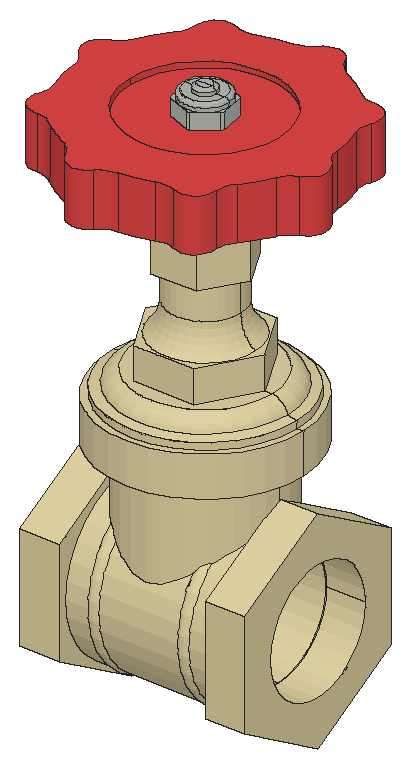
Revit family "AA00550000", category Apparecchi idraulici, Revit 2020
Family settings
  Quota connettore circolare = Usa diametro
  Tipo di parte = Normale
  Numero OmniClass = 23.45.00.00
  Titolo OmniClass = Sanitary, Laundry, and Cleaning Equipment
  Basato su piano di lavoro = No
  Sempre verticale = Sì
  Taglio con vuoti quando caricato = No
  Condiviso = No
  Punto di calcolo locali = No
Parameters
  URL = "https://web.cimberio.it/index.php/figura/621?subcategoria_id="
  Temperatura di esercizio = "-10 ÷ 170°C (1/4\" ÷ 4\"); -10 ÷ 150°C (5\" e 6\")"
  Prospetto di default = 0 mm
  Produttore = "CIMBERIO SPA"
  Pressione nominale = "PN 20 (1/4\" ÷ 4\"); PN 10 (5\" e 6\")"
  Modello = "Cim 70B"
  Materiale = "Prodotto in lega di ottone conforme alla norma EN 12165-CW617N-DW nelle misure fino a 4\" e in lega di bronzo conforme alla norma EN 1982-CC491K nelle misure da 5\" e 6\""
  Descrizione = "Utilizzato nei più svariati settori dell'impiantistica: impianti di riscaldamento, condizionamento, idrici, igienico-sanitari, reti di distribuzione oli, benzine, vapore saturo e in generale con ogni fluido non corrosivo"
  DN Model [instance] = AA00551032 : AA00551032
  DN [instance] = 32 mm
  Commenti sul tipo = "Realizzato in ottemperanza ai requisiti gestionali della norma EN ISO 9001.\r\nCollaudato al 100% secondo la normativa EN 12266-1\r\nCollaudato al 100% secondo la normativa EN 12266-1"
Reference planes
  plane 1 "Centro (Fronte/Retro)": y = 0
  plane 2: z = 0
  plane 3 "Centro (Sinistra/Destra)": x = 0
Dimensions and locks
  aligned and locked: level to plane 2
Nested families
  nested 1: "AA00551032" at (0, 0, 0), type <- "DN Model", type "AA00551032"
  nested 2: "AA00551032" at (0, 0, 0), type <- "DN Model", type "AA00551032"
  nested 3: "AA00551032" at (0, 0, 0), type <- "DN Model", type "AA00551032"
  nested 4: "AA00551032" at (0, 0, 0), type <- "DN Model", type "AA00551032"
  nested 5: "AA00551032" at (0, 0, 0), type <- "DN Model", type "AA00551032"
  nested 6: "AA00551032" at (0, 0, 0), type <- "DN Model", type "AA00551032"
  nested 7: "AA00551032" at (0, 0, 0), type <- "DN Model", type "AA00551032"
  nested 8: "AA00551032" at (0, 0, 0), type <- "DN Model", type "AA00551032"
Connectors
  piping at (30, 0, 0), diameter 32, driven by "DN"
    settings: on nested 1, index 1, connector inside diameter 609.6 mm, connector length 0 mm, flow factor 0, pipe flow 0.0 L/s, pressure drop 0.0 Pa, fitting loss kfactor 0, connector angle 0.00°, fixture units 0, engagement length 0 mm, angle of deflection 0.00°, flow configuration 0, flow direction 0, fitting loss method 0, system type 7, joint type 0, gender type 0, connector reference index -1, connector utility 0, adjustable connector no, is connector primary yes, connector description ""
  piping at (-30, 0, 0), diameter 32, driven by "DN"
    settings: on nested 1, index 2, connector inside diameter 609.6 mm, connector length 0 mm, flow factor 0, pipe flow 0.0 L/s, pressure drop 0.0 Pa, fitting loss kfactor 0, connector angle 0.00°, fixture units 0, engagement length 0 mm, angle of deflection 0.00°, flow configuration 0, flow direction 0, fitting loss method 0, system type 7, joint type 0, gender type 0, connector reference index -1, connector utility 0, adjustable connector no, is connector primary no, connector description ""
Definition of nested family "AA00551032"
  Parameters (values of type "AA00551032")
    Default Elevation = 0 mm
  Reference planes
    plane 1 "Centro (Fronte/Retro)": y = 0
    plane 2: z = 0
    plane 3 "Centro (Sinistra/Destra)": x = 0
  Forms (mm)
    Revolve 1, solid
      sketch origin (0, 0, 0) x (1, 0, 0) y (0, 0, 1)
        loop
          line (19.5, -16) -> (-19.5, -16) -> (-19.5, -22.477) -> (-13.5, -22.477)
          arc (-13.5, -22.477) -> (-12, -23.019) -> (-10.5, -22.477) r 2.345
          line (-10.5, -22.477) -> (10.5, -22.477)
          arc (10.5, -22.477) -> (12, -23.003) -> (13.5, -22.477) r 2.402
          line (13.5, -22.477) -> (19.5, -22.477) -> (19.5, -16)
        axis (-19.5, 0) -> (19.5, 0)
      angle from 0 to 360
    Extrusion 2, solid
      sketch origin (0, 0, 0) x (0, 1, 0) y (0, 0, 1)
        loop
          circle (0, 0) r 16
        loop
          line (0, 28) -> (-24.249, 14) -> (-24.249, -14) -> (0, -28) -> (24.249, -14) -> (24.249, 14) -> (0, 28)
      from -30 to -19.5
    Revolve 3, solid
      sketch origin (0, 0, 32) x (1, 0, 0) y (0, 0, 1)
        loop
          line (0, 20.5) -> (-18, 20.5)
          arc (-18, 20.5) -> (-20.504, 19.326) -> (-22, 17) r 5
          line (-22, 17) -> (-24.5, 16.33) -> (-24.5, 14.5) -> (-26.25, 14.5) -> (-26.25, 3.767) -> (-20, 0.899) -> (-20, -22.342) -> (0, -22.342) -> (0, 20.5)
        axis (0, 20.5) -> (0, -22.342)
      angle from 0 to 360
    Extrusion 4, solid
      sketch origin (0, 0, 22.5) x (0, -1, 0) y (1, 0, 0)
        loop
          line (0, 16) -> (-13.856, 8) -> (-13.856, -8) -> (0, -16) -> (13.856, -8) -> (13.856, 8) -> (0, 16)
      from 30 to 38.555
    Revolve 5, solid
      sketch origin (0, 0, 33) x (1, 0, 0) y (0, 0, 1)
        loop
          line (0, 28.055) -> (0, 44.5) -> (-9.5, 44.5) -> (-9.5, 35.868)
          arc (-9.5, 35.868) -> (-10.488, 31.533) -> (-13.259, 28.055) r 10
          line (-13.259, 28.055) -> (0, 28.055)
        axis (0, 44.5) -> (0, 28.055)
      angle from 0 to 360
    Extrusion 6, solid
      sketch origin (0, 0, 22.5) x (0, -1, 0) y (1, 0, 0)
        loop
          line (0, 12.1) -> (-10.479, 6.05) -> (-10.479, -6.05) -> (0, -12.1) -> (10.479, -6.05) -> (10.479, 6.05) -> (0, 12.1)
      from 55 to 67
    Revolve 7, solid
      sketch origin (0, 0, 35.008) x (1, 0, 0) y (0, 0, 1)
        loop
          line (-10, 66.336) -> (-10, 64.992)
          arc (-10, 64.992) -> (-9.854, 64.639) -> (-9.5, 64.492) r 0.5
          line (-9.5, 64.492) -> (-5, 64.492) -> (-5, 53.951) -> (0, 53.951) -> (0, 66.336) -> (-10, 66.336)
        axis (0, 66.336) -> (0, 53.951)
      angle from 0 to 360
    Extrusion 8, solid
      sketch origin (0, 0, 22.5) x (1, 0, 0) y (0, 1, 0)
        loop
          spline (-16.266, 31.079) -> (-17.215, 31.383) -> (-18.159, 31.542) -> (-19.079, 31.554) -> (-19.955, 31.418) -> (-20.77, 31.138) -> (-21.509, 30.718) -> (-22.156, 30.168) -> (-22.699, 29.497) -> (-23.126, 28.72) -> (-23.429, 27.852) -> (-23.602, 26.911) -> (-23.642, 25.914)
          arc (-23.642, 25.914) -> (-24.024, 23.423) -> (-25.269, 21.232) r 6.956
          arc (-25.269, 21.232) -> (-27.836, 17.734) -> (-29.922, 13.929) r 33.005
          arc (-29.922, 13.929) -> (-31.382, 11.874) -> (-33.478, 10.475) r 6.957
          spline (-33.478, 10.475) -> (-34.364, 10.018) -> (-35.144, 9.463) -> (-35.803, 8.821) -> (-36.326, 8.106) -> (-36.705, 7.331) -> (-36.93, 6.512) -> (-36.998, 5.665) -> (-36.908, 4.807) -> (-36.661, 3.956) -> (-36.261, 3.128) -> (-35.718, 2.34) -> (-35.041, 1.607)
          arc (-35.041, 1.607) -> (-33.55, -0.425) -> (-32.881, -2.855) r 6.956
          arc (-32.881, -2.855) -> (-32.223, -7.143) -> (-31.007, -11.308) r 33.005
          arc (-31.007, -11.308) -> (-30.587, -13.794) -> (-31.079, -16.266) r 6.959
          spline (-31.079, -16.266) -> (-31.383, -17.215) -> (-31.542, -18.159) -> (-31.554, -19.079) -> (-31.418, -19.955) -> (-31.138, -20.77) -> (-30.718, -21.509) -> (-30.168, -22.156) -> (-29.497, -22.699) -> (-28.72, -23.126) -> (-27.852, -23.429) -> (-26.911, -23.602) -> (-25.914, -23.642)
          arc (-25.914, -23.642) -> (-23.423, -24.024) -> (-21.232, -25.269) r 6.955
          arc (-21.232, -25.269) -> (-17.734, -27.836) -> (-13.929, -29.922) r 33.005
          arc (-13.929, -29.922) -> (-11.881, -31.375) -> (-10.483, -33.46) r 6.958
          spline (-10.483, -33.46) -> (-10.027, -34.349) -> (-9.472, -35.133) -> (-8.831, -35.794) -> (-8.116, -36.321) -> (-7.34, -36.701) -> (-6.52, -36.929) -> (-5.672, -36.999) -> (-4.813, -36.909) -> (-3.96, -36.662) -> (-3.131, -36.263) -> (-2.341, -35.719) -> (-1.607, -35.041)
          arc (-1.607, -35.041) -> (0.425, -33.55) -> (2.855, -32.881) r 6.956
          arc (2.855, -32.881) -> (7.144, -32.222) -> (11.309, -31.007) r 33.005
          arc (11.309, -31.007) -> (13.784, -30.586) -> (16.247, -31.072) r 6.957
          spline (16.247, -31.072) -> (17.2, -31.379) -> (18.147, -31.541) -> (19.07, -31.555) -> (19.949, -31.42) -> (20.768, -31.139) -> (21.509, -30.718) -> (22.158, -30.165) -> (22.702, -29.492) -> (23.129, -28.712) -> (23.432, -27.84) -> (23.604, -26.894) -> (23.641, -25.894)
          arc (23.641, -25.894) -> (24.027, -23.414) -> (25.269, -21.232) r 6.956
          arc (25.269, -21.232) -> (27.836, -17.734) -> (29.921, -13.929) r 33.005
          arc (29.921, -13.929) -> (31.375, -11.881) -> (33.46, -10.483) r 6.959
          spline (33.46, -10.483) -> (34.351, -10.026) -> (35.135, -9.47) -> (35.797, -8.828) -> (36.324, -8.11) -> (36.704, -7.333) -> (36.93, -6.511) -> (36.998, -5.662) -> (36.907, -4.801) -> (36.657, -3.947) -> (36.255, -3.117) -> (35.707, -2.327) -> (35.026, -1.593)
          arc (35.026, -1.593) -> (33.546, 0.434) -> (32.881, 2.854) r 6.955
          arc (32.881, 2.854) -> (32.223, 7.143) -> (31.007, 11.308) r 33.005
          arc (31.007, 11.308) -> (30.586, 13.784) -> (31.072, 16.247) r 6.958
          spline (31.072, 16.247) -> (31.377, 17.192) -> (31.539, 18.131) -> (31.556, 19.047) -> (31.427, 19.92) -> (31.154, 20.734) -> (30.743, 21.473) -> (30.202, 22.122) -> (29.542, 22.668) -> (28.776, 23.1) -> (27.919, 23.411) -> (26.987, 23.593) -> (26, 23.643)
          arc (26, 23.643) -> (23.464, 24.01) -> (21.232, 25.269) r 6.961
          arc (21.232, 25.269) -> (17.733, 27.836) -> (13.929, 29.922) r 33.005
          arc (13.929, 29.922) -> (11.874, 31.382) -> (10.475, 33.478) r 6.957
          spline (10.475, 33.478) -> (10.017, 34.365) -> (9.461, 35.147) -> (8.818, 35.806) -> (8.101, 36.329) -> (7.324, 36.707) -> (6.503, 36.932) -> (5.655, 36.998) -> (4.796, 36.906) -> (3.943, 36.656) -> (3.114, 36.253) -> (2.325, 35.706) -> (1.593, 35.026)
          arc (1.593, 35.026) -> (-0.434, 33.546) -> (-2.854, 32.881) r 6.956
          arc (-2.854, 32.881) -> (-7.143, 32.223) -> (-11.308, 31.007) r 33.005
          arc (-11.308, 31.007) -> (-13.794, 30.587) -> (-16.266, 31.079) r 6.959
      from 78 to 91.983
    Extrusion 9, void
      sketch origin (0, -1.881, 22.5) x (1, 0, 0) y (0, 1, 0)
        loop
          circle (-0.133, 1.881) r 20
      from 90.5 to 92.729
    Extrusion 10, solid
      sketch origin (-0.001, -0.001, 37.5) x (0.500497, -0.865738, 0) y (0.865738, 0.500497, 0)
        loop
          arc (-6.599, 3.005) -> (-6.779, 2.572) -> (-6.931, 2.128) r 7.25
          line (-6.931, 2.128) -> (-5.901, -4.211)
          arc (-5.901, -4.211) -> (-5.616, -4.584) -> (-5.307, -4.937) r 7.25
          line (-5.307, -4.937) -> (0.698, -7.215)
          arc (0.698, -7.215) -> (1.163, -7.154) -> (1.624, -7.064) r 7.25
          line (1.624, -7.064) -> (6.598, -3.002)
          arc (6.598, -3.002) -> (6.779, -2.569) -> (6.931, -2.125) r 7.25
          line (6.931, -2.125) -> (5.9, 4.214)
          arc (5.9, 4.214) -> (5.615, 4.587) -> (5.307, 4.941) r 7.25
          line (5.307, 4.941) -> (-0.698, 7.218)
          arc (-0.698, 7.218) -> (-1.164, 7.158) -> (-1.624, 7.068) r 7.25
          line (-1.624, 7.068) -> (-6.599, 3.005)
      from 75 to 79.5
    Revolve 11, solid
      sketch origin (0, 0, 37.5) x (1, 0, 0) y (0, 0, 1)
        loop
          line (0, 81.5) -> (0, 79.5) -> (6.25, 79.5) -> (6.25, 80.5)
          arc (6.25, 80.5) -> (5.957, 81.207) -> (5.25, 81.5) r 1
          line (5.25, 81.5) -> (0, 81.5)
        axis (0, 81.5) -> (0, 79.5)
      angle from 0 to 360
    Revolve 12, solid
      sketch origin (0, 0, 25.508) x (1, 0, 0) y (0, 0, 1)
        loop
          line (0, 95) -> (0, 93) -> (1.851, 93) -> (2.902, 93.446) -> (2.902, 94.245) -> (1.9, 95) -> (0, 95)
        axis (0, 95) -> (0, 93)
      angle from 0 to 360
    Extrusion 13, solid
      sketch origin (0, 0, 0) x (0, 1, 0) y (0, 0, -1)
        loop
          circle (0, 0) r 16
        loop
          line (0, -28) -> (24.249, -14) -> (24.249, 14) -> (0, 28) -> (-24.249, 14) -> (-24.249, -14) -> (0, -28)
      from -30 to -19.5
  Cuts and joins
    Extrusion 9 cuts Extrusion 8
  Dimensions and locks
    aligned and locked: level to plane 2
